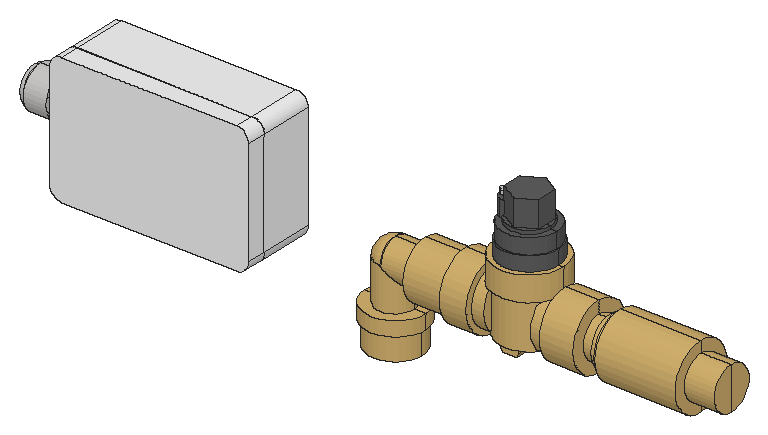
Revit family "PRD_AR_FlshCntrlDvcs_F5-SmartUrinalUnit_ACEF3004 2", category Specialty Equipment, Revit 2023
Family settings
  Round Connector Dimension = Use Diameter
  Part Type = Normal
  OmniClass Number = 23.45.55.11
  OmniClass Title = Sanitary Components
  Work Plane-Based = No
  Enable Cutting in Views = No
  Always vertical = Yes
  Cut with Voids When Loaded = No
  Maintain Annotation Orientation = No
  Shared = No
  Room Calculation Point = No
Parameters (values of type "ACEF3004")
  WorkingPressure = 0.0 Pa
  WarrantyStartDate [instance] = "1900-12-31T23:59:59"
  WarrantyGuarantorParts = "n/a"
  WarrantyGuarantorLabor = "n/a"
  WarrantyDurationUnit = "n/a"
  WarrantyDurationParts = "n/a"
  WarrantyDurationLabor = "n/a"
  WarrantyDescription = "n/a"
  Version = "1"
  ValvePattern = "STRAIGHT_2_PORT"
  ValveOperation = "SOLENOID"
  ValveMechanism = "OTHER"
  Uniclass2015Version = "Products v1.38"
  Uniclass2015Title = "Flush control devices"
  Uniclass2015Code = "Pr_75_50_46_31"
  URL = "www.kwc-professional.com"
  Type IFC Predefined Type = "FLUSHING"
  TestPressure = 0.0 Pa
  TertiaryMaterial = PRD_AR_StainlessSteel_SatinFinished
  TagNumber [instance] = "n/a"
  SustainabilityPerformance = "n/a"
  Status = "New"
  Size = 15 mm
  Shape = "n/a"
  SerialNumber [instance] = "n/a"
  SecondaryMaterial = PRD_AR_Plastic_Black
  Revision = "n/a"
  ReplacementCost = "n/a"
  Reference = "n/a"
  QuaternaryMaterial = PRD_AR_Plastic_White
  QuantityUOM = "piece"
  Quantity = "1"
  ProductInformation = "http://pim.kwc.com/product/2030072412/attachment/datasheet?locale=en"
  NominalWidth = 0 mm
  NominalHeight = 0 mm
  NominalDepth = 0 mm
  Name = "Smart urinal unit for series of urinals made of stainless steel ACEF3004"
  NBSTypeID = "n/a"
  NBSReference = "90-15-35/470"
  NBSOfficeMasterTag = "n/a"
  NBSNote = "n/a"
  NBSDescription = "Flush control devices"
  NBSCertification = "n/a"
  ModelReference = "ACEF3004"
  ModelNumber = "2030072412"
  Model = ModelReference  # "ACEF3004"
  Material = "n/a"
  ManufacturerURL = "www.kwc-professional.com"
  ManufacturerName = "KWC Group Management AG"  # constant formula
  Manufacturer = ManufacturerName  # "KWC Group Management AG"
  IsHighPressure = no
  InstallationDate [instance] = "1900-12-31T23:59:59"
  IfcExportType = "FLUSHING"
  IfcExportAs = "IfcValve"
  HasIntegralShutOffDevice = yes
  Grade = "n/a"
  GeometryVisibility [instance] = yes
  FlushingRate = 0.0 L/s
  FlowCoefficient = 0
  Finish = "n/a"
  Features = "With pipe elbows for DN 15 water connection and flushing pipe."
  Export Type to IFC As = "IfcValveType"
  ExpectedLife = "n/a"
  DurationUnit = "n/a"
  Description = "F5 smart urinal unit for installation within the water inlet area of the CAMPUS urinal series. Water path pre-assembled with pipe elbows for DN 15 water connection and flushing pipe, valve assembly with water volume regulation including a strainer, solenoid valve and hose. Control unit in sealed plastic box for wireless communication with the F5 smart urinal sensor. Either for battery operation with 6 V lithium battery (CR-P2) per control unit or separate power supply via power supply unit 6.75 V/12 V DC. Battery compartment including battery or power supply unit with extension cable must be ordered separately."
  Default Elevation = 0 mm
  CreatedOn = "12/2025"  # constant formula
  Constituents = "n/a"
  Color = "n/a"
  CodePerformance = "n/a"
  CloseOffRating = 0.0 Pa
  Category = "Pr_75_50_46_31, Flush control devices"
  BodyMaterial = PRD_AR_Brass
  BarCode [instance] = "n/a"
  BIMObjectName = "PRD_AR_FlushControlDevices_F5-SmartUrinalUnit_ACEF3004"
  Author = "Archispace"  # constant formula
  AssetType = "Fixed"
  AssetIdentifier [instance] = "n/a"
  AccessibilityPerformance = "n/a"
Reference planes
  plane 1 "Center (Front/Back)": y = 0
  plane 2: z = 0
  plane 3 "Center (Left/Right)": x = 0
Forms (mm)
  Revolve 1, solid, material "PRD_AR_Brass" <- "BodyMaterial", visible <- "GeometryVisibility", detail levels fine
    sketch origin (0, 0, 0) x (1, 0, 0) y (0, 0, 1)
      loop
        line (0, -12) -> (13.221, -12) -> (13.221, 0) -> (14.961, 0) -> (14.961, 7) -> (9.315, 7) -> (9.316, 27) -> (0, 27) -> (0, -12)
      axis (0, 27) -> (0, -12)
    angle from 0 to 360
  Revolve 2, solid, material "PRD_AR_Brass" <- "BodyMaterial", visible <- "GeometryVisibility", detail levels fine
    sketch origin (0, 0, 0) x (1, 0, 0) y (0, 0, 1)
      loop
        line (0, 27) -> (0, 17.685) -> (15, 17.684) -> (15, 13) -> (35, 13) -> (35, 10.5) -> (48, 10.5) -> (48, 13.5) -> (54.503, 13.5) -> (54.503, 27) -> (0, 27)
      loop
        line (150.5, 16.522) -> (165.5, 16.522) -> (165.5, 27) -> (77.497, 27) -> (77.497, 13.5) -> (83.8, 13.5) -> (83.8, 11) -> (100.3, 11) -> (100.3, 17) -> (106.2, 17) -> (106.2, 14.85) -> (109.5, 14.85) -> (109.5, 12.5) -> (111, 12.5) -> (111, 11.25) -> (150.5, 11.25) -> (150.5, 16.522)
      axis (165.5, 27) -> (0, 27)
    angle from 0 to 360
  Revolve 3, solid, material "PRD_AR_Brass" <- "BodyMaterial", visible <- "GeometryVisibility", detail levels fine
    sketch origin (0, 0, 0) x (1, 0, 0) y (0, 0, 1)
      loop
        line (0, 27) -> (0, 36.316)
        arc (0, 36.316) -> (-6.587, 33.587) -> (-9.315, 27) r 9.315
        line (-9.315, 27) -> (0, 27)
      axis (0, 36.316) -> (0, 27)
    angle from -90 to 90
  Revolve 4, solid, material "PRD_AR_Brass" <- "BodyMaterial", visible <- "GeometryVisibility", detail levels fine
    sketch origin (0, 0, 0) x (1, 0, 0) y (0, 0, 1)
      loop
        line (66, 51.5) -> (66, 16.5) -> (80.718, 16.5) -> (80.718, 39.5) -> (83, 39.5) -> (83, 51.5) -> (66, 51.5)
      axis (66, 51.5) -> (66, 16.5)
    angle from 0 to 360
  Extrusion 5, solid, material "PRD_AR_Plastic_Black" <- "SecondaryMaterial", visible <- "GeometryVisibility", detail levels fine
    sketch origin (0, 0, 0) x (1, 0, 0) y (0, 1, 0)
      loop
        line (57.453, 4.935) -> (57.453, -4.935) -> (66, -9.87) -> (74.547, -4.935) -> (74.547, 4.935) -> (66, 9.87) -> (57.453, 4.935)
    from 67.5 to 80.5
  Revolve 6, solid, material "PRD_AR_Plastic_Black" <- "SecondaryMaterial", visible <- "GeometryVisibility", detail levels fine
    sketch origin (0, 0, 0) x (1, 0, 0) y (0, 0, 1)
      loop
        line (76.5, 67.5) -> (66, 67.5) -> (66, 51.5) -> (80.3, 51.5) -> (80.3, 58.5) -> (79.5, 58.5) -> (79.5, 66) -> (76.5, 66) -> (76.5, 67.5)
      axis (66, 67.5) -> (66, 51.5)
    angle from 0 to 360
  Extrusion 7, solid, material "PRD_AR_Plastic_Black" <- "SecondaryMaterial", visible <- "GeometryVisibility", detail levels fine
    sketch origin (0, 0, 0) x (1, 0, 0) y (0, 1, 0)
      loop
        line (59.104, -4.932) -> (59.104, 4.883) -> (55.538, 4.883)
        arc (55.538, 4.883) -> (51.7, -0.025) -> (55.538, -4.932) r 5.057
        line (55.538, -4.932) -> (59.104, -4.932)
    from 63.026 to 74
  Extrusion 8, solid, material "PRD_AR_Brass" <- "BodyMaterial", visible <- "GeometryVisibility", detail levels fine
    sketch origin (0, 0, 0) x (1, 0, 0) y (0, 0, 1)
      loop
        line (63.7, 12) -> (68.3, 12)
        arc (68.3, 12) -> (69.714, 12.586) -> (70.3, 14) r 2
        line (70.3, 14) -> (70.3, 16.5) -> (61.7, 16.5) -> (61.7, 14)
        arc (61.7, 14) -> (62.286, 12.586) -> (63.7, 12) r 2
    from -12 to 12
  Extrusion 9, solid, visible <- "GeometryVisibility", detail levels fine
    sketch origin (-0.753, 0, 0) x (1, 0, 0) y (0, 1, 0)
      loop
        arc (53.953, 1.5) -> (52.453, 0) -> (53.953, -1.5) r 1.5
        line (53.953, -1.5) -> (55.953, -1.5)
        arc (55.953, -1.5) -> (57.453, 0) -> (55.953, 1.5) r 1.5
        line (55.953, 1.5) -> (53.953, 1.5)
    from 74 to 76
  Extrusion 10, solid, material "PRD_AR_Plastic_White" <- "QuaternaryMaterial", visible <- "GeometryVisibility", detail levels fine
    sketch origin (0, 0, 0) x (1, 0, 0) y (0, 0, 1)
      loop
        line (-141, 77.5) -> (-141, 25.5)
        arc (-141, 25.5) -> (-139.243, 21.257) -> (-135, 19.5) r 6
        line (-135, 19.5) -> (-49, 19.5)
        arc (-49, 19.5) -> (-44.757, 21.257) -> (-43, 25.5) r 6
        line (-43, 25.5) -> (-43, 77.5)
        arc (-43, 77.5) -> (-44.757, 81.743) -> (-49, 83.5) r 6
        line (-49, 83.5) -> (-135, 83.5)
        arc (-135, 83.5) -> (-139.243, 81.743) -> (-141, 77.5) r 6
    from 0 to 27
  Extrusion 11, solid, material "PRD_AR_Plastic_White" <- "QuaternaryMaterial", visible <- "GeometryVisibility", detail levels fine
    sketch origin (0, -27, 0) x (1, 0, 0) y (0, 0, 1)
      loop
        line (-141, 77.5) -> (-141, 25.5)
        arc (-141, 25.5) -> (-139.243, 21.257) -> (-135, 19.5) r 6
        line (-135, 19.5) -> (-49, 19.5)
        arc (-49, 19.5) -> (-44.757, 21.257) -> (-43, 25.5) r 6
        line (-43, 25.5) -> (-43, 77.5)
        arc (-43, 77.5) -> (-44.757, 81.743) -> (-49, 83.5) r 6
        line (-49, 83.5) -> (-135, 83.5)
        arc (-135, 83.5) -> (-139.243, 81.743) -> (-141, 77.5) r 6
    from 0 to 9.5
  Revolve 12, solid, material "PRD_AR_StainlessSteel_SatinFinished" <- "TertiaryMaterial", visible <- "GeometryVisibility", detail levels fine
    sketch origin (0, -15, 0) x (1, 0, 0) y (0, 0, 1)
      loop
        line (-166.895, 51.5) -> (-166.895, 45.2)
        arc (-166.895, 45.2) -> (-165.958, 42.937) -> (-163.695, 42) r 3.2
        line (-163.695, 42) -> (-162.606, 42) -> (-162.606, 40.95) -> (-151.595, 40.95) -> (-151.595, 42.9) -> (-146.295, 42.9) -> (-146.295, 40.95) -> (-141, 40.95) -> (-141, 51.5) -> (-166.895, 51.5)
      axis (-141, 51.5) -> (-166.895, 51.5)
    angle from 0 to 360
  Extrusion 13, solid, material "PRD_AR_Plastic_White" <- "QuaternaryMaterial", visible <- "GeometryVisibility", detail levels coarse+medium
    sketch origin (0, 0, 0) x (1, 0, 0) y (0, 0, 1)
      loop
        line (-141, 83.5) -> (-141, 19.5) -> (-43, 19.5) -> (-43, 83.5) -> (-141, 83.5)
    from 0 to 36.5
  Revolve 14, solid, material "PRD_AR_Brass" <- "BodyMaterial", visible <- "GeometryVisibility", detail levels coarse+medium
    sketch origin (0, 0, 0) x (1, 0, 0) y (0, 0, 1)
      loop
        line (165.5, 27) -> (0, 27) -> (0, 12) -> (165.5, 12) -> (165.5, 27)
      axis (165.5, 27) -> (0, 27)
    angle from 0 to 360
  Revolve 15, solid, material "PRD_AR_Brass" <- "BodyMaterial", visible <- "GeometryVisibility", detail levels coarse+medium
    sketch origin (0, 0, 0) x (1, 0, 0) y (0, 0, 1)
      loop
        line (66, 80.5) -> (49, 80.5) -> (49, 27) -> (66, 27) -> (66, 80.5)
      axis (66, 27) -> (66, 80.5)
    angle from 0 to 360
  Revolve 16, solid, material "PRD_AR_Brass" <- "BodyMaterial", visible <- "GeometryVisibility", detail levels coarse+medium
    sketch origin (0, 0, 0) x (1, 0, 0) y (0, 0, 1)
      loop
        line (0, 27) -> (0, -12) -> (14.961, -12) -> (14.961, 27) -> (0, 27)
      axis (0, 27) -> (0, -12)
    angle from 0 to 360
  Revolve 17, solid, material "PRD_AR_Brass" <- "BodyMaterial", visible <- "GeometryVisibility", detail levels coarse+medium
    sketch origin (0, 0, 0) x (1, 0, 0) y (0, 0, 1)
      loop
        line (-14.96, 27) -> (0, 27) -> (0, 42)
        arc (0, 42) -> (-10.593, 37.604) -> (-14.96, 27) r 14.961
      axis (0, 27) -> (0, 42)
    angle from -90 to 90
Cuts and joins
  joined: Revolve 1, Revolve 2, Revolve 4, Extrusion 8
  joined: Extrusion 5, Revolve 6, Extrusion 7
  joined: Revolve 14, Revolve 15
Dimensions and locks
  aligned and locked: level to plane 2
